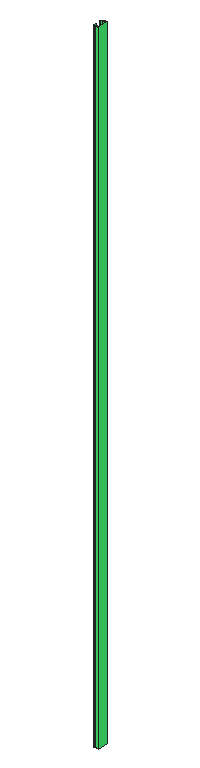
Revit family "GW_ガリッドスタッド(反転) t=2.3", category 一般モデル, Revit 2021
Family settings
  鉄筋をホスト可能 = いいえ
  丸型コネクタ寸法 = 直径を使用
  パーツ タイプ = 標準
  作業面ベース = いいえ
  常に垂直 = はい
  ロード時にボイドで切り取り = いいえ
  共有 = いいえ
  部屋計算ポイント = いいえ
Parameters
  長さ [instance] = 7000.0 mm
  製造元 = "双日建材株式会社"
  既定の高さ = 0.0 mm
  マテリアル = ガリッドスタッドt=2.3
  t = 2.3 mm
  H = 100.0 mm
  C = 20.0 mm
  A = 50.0 mm
Reference planes
  plane 1 "中心(正面/背面)": y = 0
  plane 2: z = 0
  plane 3 "中心(左/右)": x = 0
  plane 4: y = 30
  plane 5: y = 50
  plane 6: y = -30
  plane 7: y = -50
  plane 8: x = -50
  plane 9: y = -47.7
  plane 10: y = 47.7
  plane 11: x = -2.3
  plane 12: x = -47.7
  plane 13: z = 7000
Forms (mm)
  Extrusion 1, solid, material "ガリッドスタッドt=2.3" <- "マテリアル"
    sketch origin (0, 0, 0) x (1, 0, 0) y (0, 1, 0)
      loop
        line (-47.7, -30) -> (-50, -30) -> (-50, -50) -> (0, -50) -> (0, 50) -> (-50, 50) -> (-50, 30) -> (-47.7, 30) -> (-47.7, 47.7) -> (-2.3, 47.7) -> (-2.3, -47.7) -> (-47.7, -47.7) -> (-47.7, -30)
    from 0 to 7000
Dimensions and locks
  "H": plane 7 to plane 5
  "C": plane 4 to plane 5
  "C": plane 7 to plane 6
  equal spacing: plane 7, plane 1 "中心(正面/背面)", plane 5
  "A": plane 8 to plane 3 "中心(左/右)"
  "t": plane 8 to plane 12
  "t": plane 11 to plane 3 "中心(左/右)"
  "t": plane 7 to plane 9
  "t": plane 10 to plane 5
  "長さ": plane 13 to level
  aligned and locked: level to plane 2
  aligned and locked: plane 10 to Extrusion 1 sketch curve
  aligned and locked: Extrusion 1 sketch curve to plane 5
  aligned and locked: plane 3 "中心(左/右)" to Extrusion 1 sketch curve
  aligned and locked: Extrusion 1 sketch curve to plane 11
  aligned and locked: Extrusion 1 sketch curve to plane 8  (x2)
  aligned and locked: plane 12 to Extrusion 1 sketch curve  (x2)
  aligned and locked: Extrusion 1 sketch curve to plane 9
  aligned and locked: plane 7 to Extrusion 1 sketch curve
  aligned and locked: plane 4 to Extrusion 1 sketch curve
  aligned and locked: plane 13 to Extrusion 1
  aligned and locked: Extrusion 1 sketch curve to plane 6
